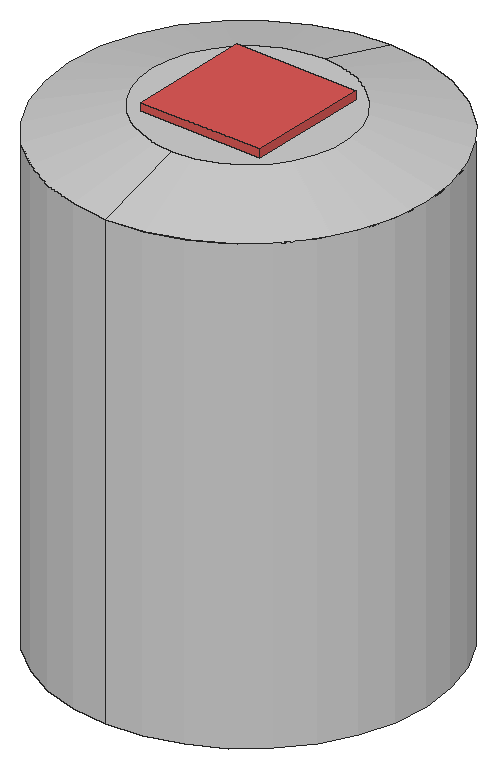
Revit family "Concrete Pier with Steel Post", category Structural Foundations, Revit 2015
Parameters (values of type "Ø450 x 600 MIN DEEP CONCRETE PIER")
  Steel Post = no
  Post Material = Metal - Steel - 350 MPa
  Post Depth [instance] = -L + 10 mm  # -890 mm
  Post Heigth [instance] = -Bearer Depth - Cap Plate Thickness  # -180 mm
  Post = SHS Columns : 75x3.5 SHS
  Pier Material = Concrete - Cast In Situ
  Pier Diameter = 450 mm
  Pier Depth = 600 mm
  PD/2 = Pier Diameter / 2  # 225 mm
  Length = 1400 mm
  L [instance] = 900 mm
  Cap Plate = no
  Cap Plate Thickness = 10 mm
  Bearer Depth [instance] = 170 mm
  BD - Angle Seat [instance] = Bearer Depth + Cap Plate Thickness  # 180 mm
  Assembly Code = ""
  Angle Seat Material = Metal - Steel - 350 MPa
  Angle Seat Length = 100 mm
  Angle Seat = no
  ASL/2 = Angle Seat Length / 2  # 50 mm
Types (4, lengths in mm): name | Steel Post | Post Heigth | Post | Pier Depth | Cap Plate | Cap Plate Thickness | BD - Angle Seat
  Ø450 x 600 MIN DEEP CONCRETE PIER | no | -180 | SHS Columns : 75x3.5 SHS | 600 | no | 10 | 180
  Ø450 CONCRETE PIER + 89x3.5 SHS DURAGAL POST + 8mm CAP PLATE | yes | -178 | SHS Columns : 89x3.5 SHS | 2000 | yes | 8 | 178
  Ø450 CONCRETE PIER + 75x3.5 SHS DURAGAL POST | yes | -180 | SHS Columns : 75x3.5 SHS | 2000 | no | 10 | 180
  Ø450 CONCRETE PIER + 89x3.5 SHS DURAGAL POST | yes | -180 | SHS Columns : 89x3.5 SHS | 2000 | no | 10 | 180
Reference planes
  plane 1 "Center (Front/Back)": y = 0
  plane 2: z = 0
  plane 3 "Center (Left/Right)": x = 0
  plane 4 "Top of post": z = -180
  plane 5 "U/S Base Plate": z = -900
  plane 6: z = -930
  plane 7: z = -1500
Forms (mm)
  Extrusion 1, solid, material "Metal - Steel - 350 MPa" <- "Angle Seat Material", visible <- "Angle Seat"
    sketch origin (0, 103.973, -1677.431) x (0, 1, 0) y (0, 0, 1)
      loop
        line (-153.973, 1597.431) -> (-153.973, 1497.431) -> (-53.973, 1497.431) -> (-53.973, 1503.431) -> (-147.973, 1503.431) -> (-147.973, 1597.431) -> (-153.973, 1597.431)
    from -50 to 50
  Blend 2, solid, material "Concrete - Cast In Situ" <- "Pier Material"
    base sketch origin (0, 0, -900) x (0, 1, 0) y (-1, 0, 0)
      loop
        circle (0, 0) r 225
    top sketch origin (0, 0, -900) x (0, 1, 0) y (-1, 0, 0)
      loop
        circle (0, 0) r 120
    from -30 to 0
  Extrusion 3, solid, material "Concrete - Cast In Situ" <- "Pier Material"
    sketch origin (0, 0, -900) x (0, 1, 0) y (-1, 0, 0)
      loop
        circle (0, 0) r 225
    from -600 to -30
  Extrusion 4, void
    sketch origin (0, 0, 0) x (1, 0, 0) y (0, 0, 1)
      loop
        circle (30, -100) r 7
      loop
        circle (-30, -100) r 7
    from 44 to 50
  Extrusion 5, solid, material "Metal - Steel - 350 MPa" <- "Angle Seat Material", visible <- "Cap Plate"
    sketch origin (0, 103.973, -1677.431) x (0, 1, 0) y (0, 0, 1)
      loop
        line (-153.973, 1507.431) -> (-153.973, 1497.431) -> (-53.973, 1497.431) -> (-53.973, 1507.431) -> (-153.973, 1507.431)
    from -50 to 50
Cuts and joins
  joined: Blend 2, Extrusion 3
  Extrusion 4 cuts Extrusion 1
Dimensions and locks
  locked: Extrusion 1 to Extrusion 1 at 6  (x2)
  locked: Extrusion 1 to Extrusion 1 at 100  (x2)
  "ASL/2": Extrusion 1 to plane 3 "Center (Left/Right)"
  "ASL/2": plane 3 "Center (Left/Right)" to Extrusion 1
  locked: plane 6 to plane 5 "U/S Base Plate" at 30
  "Pier Depth": plane 5 "U/S Base Plate" to plane 7
  "BD - Angle Seat": level to plane 4 "Top of post"
  "L": level to plane 5 "U/S Base Plate"
  "Cap Plate Thickness": Extrusion 5 to Extrusion 5
  locked: Extrusion 5 to Extrusion 5 at 100
  "PD/2": radius of Blend 2 sketch curve
  "PD/2": radius of Extrusion 3 sketch curve
  aligned and locked: plane 2 to level
  aligned and locked: Extrusion 1 to plane 4 "Top of post"
  aligned and locked: Extrusion 3 to plane 7
  aligned and locked: plane 6 to Extrusion 3
  aligned and locked: plane 6 to cut or joined group of Blend 2, Extrusion 3
  aligned and locked: plane 5 "U/S Base Plate" to cut or joined group of Blend 2, Extrusion 3
  aligned and locked: Extrusion 1 to Extrusion 4
Automatic sketch dimensions
  Extrusion 1 sketch curve to plane 4 "Top of post" = 0 mm
  plane 1 "Center (Front/Back)" to Extrusion 1 sketch curve = 50 mm
  Extrusion 1 sketch curve to Extrusion 1 sketch curve = 6 mm  (x2)
  Extrusion 1 sketch curve to plane 1 "Center (Front/Back)" = 50 mm
  Extrusion 1 sketch curve to level = 80 mm
  plane 1 "Center (Front/Back)" to Blend 2 sketch curve = 0 mm  (x2)
  Blend 2 sketch curve to plane 3 "Center (Left/Right)" = 0 mm  (x2)
  Extrusion 4 sketch curve to plane 3 "Center (Left/Right)" = 30 mm
  plane 3 "Center (Left/Right)" to Extrusion 4 sketch curve = 30 mm
  plane 4 "Top of post" to Extrusion 4 sketch curve = 80 mm
  Extrusion 4 sketch curve to Extrusion 4 sketch curve = 0 mm
  plane 1 "Center (Front/Back)" to Extrusion 5 sketch curve = 50 mm
  Extrusion 5 sketch curve to Extrusion 5 sketch curve = 100 mm
  Extrusion 5 sketch curve to Extrusion 5 sketch curve = 10 mm
  plane 4 "Top of post" to Extrusion 5 sketch curve = 0 mm
  plane 1 "Center (Front/Back)" to Extrusion 3 sketch curve = 0 mm
  Extrusion 3 sketch curve to plane 3 "Center (Left/Right)" = 0 mm
  radius of Blend 2 sketch curve = 120 mm
  radius of Extrusion 4 sketch curve = 7 mm  (x2)
Nested families
  nested 1: "SHS Columns" at (0, 0, 0), built-in parameter 1001357 <- "Post Depth", built-in parameter 1001358 <- "Post Heigth", type <- "Post", Structural Material <- "Post Material", visible <- "Steel Post", type "75x3.5 SHS"
    with built-in parameter 1005500 Metal - Steel - 350 MPa, A 0.001001 m², Ht 75 mm, W 0.073844, b 75 mm, kr 7 mm, t 3.5 mm
  nested 2: "150x150x10 BASE PLATE 4N12 x 300 COG BARS" at (0, 0, -900) x (0, 1, 0) z (0, 0, 1), type "150x150x10 BASE PLATE 4N12 x 300 COG BARS", detail levels medium+fine
    with Thickness 10 mm
Definition of nested family "SHS Columns"
  Parameters
    Structural Material [instance] = none
    Steelwork Mark = ""
    Assembly Code = ""
    A = 0.00168 m²
    Ht = 89 mm
    W = 0.12258
    Shape = "Square"
    b = 89 mm
    kr = 2 * t  # 10 mm
    t = 5 mm
  Reference planes
    plane 1 "Center (Front/Back)": y = 0
    plane 2: z = 0
    plane 3 "Center (Left/Right)": x = 0
    plane 4: x = -44.5
    plane 5: x = 44.5
    plane 6: y = 44.5
    plane 7: y = -44.5
    plane 8: x = -34.5
    plane 9: y = -34.5
    plane 10: y = 34.5
    plane 11: x = 34.5
  Forms (mm)
    Extrusion 1, solid, material <- "Structural Material", detail levels medium
      sketch origin (0, 0, 0) x (1, 0, 0) y (0, 1, 0)
        loop
          line (-44.5, 44.5) -> (-44.5, -44.5) -> (44.5, -44.5) -> (44.5, 44.5) -> (-44.5, 44.5)
        loop
          line (-39.5, 39.5) -> (-39.5, -39.5) -> (39.5, -39.5) -> (39.5, 39.5) -> (-39.5, 39.5)
      from 0 to 2500
    Extrusion 2, solid, material <- "Structural Material", detail levels fine
      sketch origin (0, 0, 0) x (1, 0, 0) y (0, 1, 0)
        loop
          arc (-34.5, 44.5) -> (-41.571, 41.571) -> (-44.5, 34.5) r 10
          line (-44.5, 34.5) -> (-44.5, -34.5)
          arc (-44.5, -34.5) -> (-41.571, -41.571) -> (-34.5, -44.5) r 10
          line (-34.5, -44.5) -> (34.5, -44.5)
          arc (34.5, -44.5) -> (41.571, -41.571) -> (44.5, -34.5) r 10
          line (44.5, -34.5) -> (44.5, 34.5)
          arc (44.5, 34.5) -> (41.571, 41.571) -> (34.5, 44.5) r 10
          line (34.5, 44.5) -> (-34.5, 44.5)
        loop
          arc (-34.5, 39.5) -> (-38.036, 38.036) -> (-39.5, 34.5) r 5
          line (-39.5, 34.5) -> (-39.5, -34.5)
          arc (-39.5, -34.5) -> (-38.036, -38.036) -> (-34.5, -39.5) r 5
          line (-34.5, -39.5) -> (34.5, -39.5)
          arc (34.5, -39.5) -> (38.036, -38.036) -> (39.5, -34.5) r 5
          line (39.5, -34.5) -> (39.5, 34.5)
          arc (39.5, 34.5) -> (38.036, 38.036) -> (34.5, 39.5) r 5
          line (34.5, 39.5) -> (-34.5, 39.5)
      from 0 to 2500
  Lines and regions (mm)
    symbolic lines, detail levels coarse
      curve 1: line (-44.5, 44.5, 0) -> (44.5, 44.5, 0)
      curve 2: line (-44.5, -44.5, 0) -> (44.5, -44.5, 0)
      curve 5: line (-44.5, 44.5, 0) -> (-44.5, -44.5, 0)
      curve 6: line (44.5, 44.5, 0) -> (44.5, -44.5, 0)
    symbolic lines, detail levels fine
      curve 3: line (-39.5, 0, 0) -> (-39.5, 0, 2500)
      curve 4: line (39.5, 0, 2500) -> (39.5, 0, 0)
      curve 9: line (0, -35.5, 0) -> (0, -35.5, 2500)
      curve 10: line (0, 35.5, 2500) -> (0, 35.5, 0)
    reference lines
      curve 7: line (0, -35.5, 0) -> (0, -35.5, 2500)
      curve 8: line (0, 35.5, 0) -> (0, 35.5, 2500)
    model lines, detail levels coarse
      curve 11: line (-44.5, 44.5, 0) -> (44.5, 44.5, 0)
      curve 12: line (-44.5, -44.5, 0) -> (-44.5, 44.5, 0)
      curve 13: line (44.5, -44.5, 0) -> (-44.5, -44.5, 0)
      curve 14: line (44.5, 44.5, 0) -> (44.5, -44.5, 0)
  Dimensions and locks
    equal spacing: plane 4, plane 3 "Center (Left/Right)", plane 5
    equal spacing: plane 7, plane 1 "Center (Front/Back)", plane 6
    "Ht": plane 7 to plane 6
    "b": plane 4 to plane 5
    "t": Extrusion 1 sketch curve to plane 5
    "t": plane 4 to Extrusion 1 sketch curve
    "t": Extrusion 1 sketch curve to plane 6
    "t": Extrusion 1 sketch curve to plane 7
    "t": Extrusion 2 sketch curve to plane 6
    "t": Extrusion 2 sketch curve to plane 5
    "t": plane 4 to Extrusion 2 sketch curve
    "t": Extrusion 2 sketch curve to plane 7
    "kr": plane 10 to plane 6
    "kr": plane 7 to plane 9
    "kr": plane 11 to plane 5
    "kr": plane 4 to plane 8
    "t": plane 7 to Extrusion 1
    "t": Extrusion 1 to plane 6
    aligned and locked: plane 6 to Extrusion 1 sketch curve
    aligned and locked: Extrusion 1 sketch curve to plane 7
    aligned and locked: Extrusion 1 sketch curve to plane 4
    aligned and locked: plane 5 to Extrusion 1 sketch curve
    aligned and locked: level to Extrusion 1
    aligned and locked: level to plane 2
    aligned and locked: Extrusion 1 to plane 2
    aligned and locked: curve 1 to Extrusion 2 sketch curve
    aligned and locked: Extrusion 2 sketch curve to Extrusion 1
    aligned and locked: level to Extrusion 2
    aligned and locked: curve 4 to Extrusion 2
    aligned and locked: curve 3 to Extrusion 2
    aligned and locked: curve 12 to plane 4
    aligned and locked: plane 6 to curve 11
    aligned and locked: plane 5 to curve 14
    aligned and locked: curve 13 to plane 7
  Automatic sketch dimensions
    Extrusion 2 sketch curve to plane 8 = 0 mm  (x4)
    Extrusion 2 sketch curve to plane 7 = 0 mm
    Extrusion 2 sketch curve to plane 11 = 0 mm
    Extrusion 2 sketch curve to plane 10 = 0 mm  (x2)
    Extrusion 2 sketch curve to plane 9 = 0 mm  (x2)
    curve 5 to plane 4 = 0 mm
    curve 2 to plane 5 = 0 mm
    curve 5 to plane 7 = 0 mm
    curve 5 to plane 6 = 0 mm
    curve 7 to level = 0 mm  (x2)
    curve 8 to level = 0 mm  (x2)
    curve 7 to plane 7 = 9 mm
    plane 6 to curve 8 = 9 mm
    curve 4 to level = 0 mm  (x2)
    curve 3 to level = 0 mm  (x2)
    curve 9 to level = 0 mm  (x2)
    curve 10 to level = 0 mm  (x2)
    curve 9 to plane 7 = 9 mm
    plane 6 to curve 10 = 9 mm
Definition of nested family "150x150x10 BASE PLATE 4N12 x 300 COG BARS"
  Parameters
    Width = 150 mm
    W/2 = Width / 2  # 75 mm
    Thickness = 12 mm
    Plate Material = none
    Length = 150 mm
    L/2 = Length / 2  # 75 mm
    Default Elevation = 0 mm
    Bar Material = none
    Assembly Code = ""
  Reference planes
    plane 1 "Center (Front/Back)": y = 0
    plane 2: z = 0
    plane 3 "Center (Left/Right)": x = 0
  Forms (mm)
    Extrusion 1, solid, material <- "Plate Material"
      sketch origin (0, 0, 0) x (1, 0, 0) y (0, 1, 0)
        loop
          line (-75, 75) -> (-75, -75) -> (75, -75) -> (75, 75) -> (-75, 75)
      from 0 to 12 <- "Thickness"
    Sweep 2, solid, material <- "Bar Material"
      path origin (8.002, 0, 26.137) x (1, 0, 0) y (0, 0, 1)
        loop
          line (41.998, -26.137) -> (41.998, -291.137)
          arc (41.998, -291.137) -> (52.249, -315.885) -> (76.998, -326.137) r 35
          line (76.998, -326.137) -> (141.998, -326.137)
      profile origin (50, 0, -132.5) x (0, -1, 0) y (1, 0, 0)
        loop
          circle (-50, 0) r 6
    Sweep 3, solid, material <- "Bar Material"
      path origin (-8.002, 0, 26.137) x (-1, 0, 0) y (0, 0, 1)
        loop
          line (41.998, -26.137) -> (41.998, -291.137)
          arc (41.998, -291.137) -> (52.249, -315.885) -> (76.998, -326.137) r 35
          line (76.998, -326.137) -> (141.998, -326.137)
      profile origin (-50, 0, -132.5) x (0, -1, 0) y (1, 0, 0)
        loop
          circle (-50, 0) r 6
    Sweep 4, solid, material <- "Bar Material"
      path origin (8.002, -50, 26.137) x (1, 0, 0) y (0, 0, 1)
        loop
          line (41.998, -26.137) -> (41.998, -291.137)
          arc (41.998, -291.137) -> (52.249, -315.885) -> (76.998, -326.137) r 35
          line (76.998, -326.137) -> (141.998, -326.137)
      profile origin (50, -50, -132.5) x (0, -1, 0) y (1, 0, 0)
        loop
          circle (0, 0) r 6
    Sweep 5, solid, material <- "Bar Material"
      path origin (-8.002, -50, 26.137) x (-1, 0, 0) y (0, 0, 1)
        loop
          line (41.998, -26.137) -> (41.998, -291.137)
          arc (41.998, -291.137) -> (52.249, -315.885) -> (76.998, -326.137) r 35
          line (76.998, -326.137) -> (141.998, -326.137)
      profile origin (-50, -50, -132.5) x (0, -1, 0) y (1, 0, 0)
        loop
          circle (0, 0) r 6
    Extrusion 6, solid, material <- "Plate Material"
      sketch origin (0, 0, 0) x (1, 0, 0) y (0, 1, 0)
        loop
          line (-75, 75) -> (-75, -75) -> (75, -75) -> (75, 75) -> (-75, 75)
      from 0 to 12 <- "Thickness"
  Dimensions and locks
    "W/2": Extrusion 1 sketch curve to plane 3 "Center (Left/Right)"
    "W/2": plane 3 "Center (Left/Right)" to Extrusion 1 sketch curve
    "L/2": plane 1 "Center (Front/Back)" to Extrusion 1 sketch curve
    "L/2": Extrusion 1 sketch curve to plane 1 "Center (Front/Back)"
    "W/2": Extrusion 6 sketch curve to plane 3 "Center (Left/Right)"
    "W/2": plane 3 "Center (Left/Right)" to Extrusion 6 sketch curve
    "L/2": plane 1 "Center (Front/Back)" to Extrusion 6 sketch curve
    "L/2": Extrusion 6 sketch curve to plane 1 "Center (Front/Back)"
    aligned and locked: plane 2 to Extrusion 1
    aligned and locked: level to Extrusion 1
  Automatic sketch dimensions
    plane 3 "Center (Left/Right)" to Sweep 2 sketch curve = 50 mm
    Sweep 2 sketch curve to Sweep 2 sketch curve = 35 mm
    Sweep 2 sketch curve to Sweep 2 sketch curve = 65 mm
    Sweep 2 sketch curve to level = 300 mm
    Sweep 2 sketch curve to level = 0 mm
    Sweep 2 sketch curve to profile plane = 0 mm
    Sweep 2 sketch curve to plane 1 "Center (Front/Back)" = 50 mm
    plane 3 "Center (Left/Right)" to Sweep 3 sketch curve = 50 mm
    Sweep 3 sketch curve to Sweep 3 sketch curve = 35 mm
    Sweep 3 sketch curve to Sweep 3 sketch curve = 65 mm
    level to Sweep 3 sketch curve = 300 mm
    level to Sweep 3 sketch curve = 0 mm
    Sweep 3 sketch curve to profile plane = 0 mm
    Sweep 3 sketch curve to plane 1 "Center (Front/Back)" = 50 mm
    plane 3 "Center (Left/Right)" to Sweep 4 sketch curve = 50 mm
    Sweep 4 sketch curve to Sweep 4 sketch curve = 35 mm
    Sweep 4 sketch curve to Sweep 4 sketch curve = 65 mm
    Sweep 4 sketch curve to level = 300 mm
    Sweep 4 sketch curve to level = 0 mm
    Sweep 4 sketch curve to profile plane = 0 mm
    profile plane to Sweep 4 sketch curve = 0 mm
    plane 3 "Center (Left/Right)" to Sweep 5 sketch curve = 50 mm
    Sweep 5 sketch curve to Sweep 5 sketch curve = 35 mm
    Sweep 5 sketch curve to Sweep 5 sketch curve = 65 mm
    level to Sweep 5 sketch curve = 300 mm
    level to Sweep 5 sketch curve = 0 mm
    Sweep 5 sketch curve to profile plane = 0 mm
    profile plane to Sweep 5 sketch curve = 0 mm
    radius of Sweep 2 sketch curve = 6 mm
    radius of Sweep 3 sketch curve = 6 mm
    radius of Sweep 4 sketch curve = 6 mm
    radius of Sweep 5 sketch curve = 6 mm
